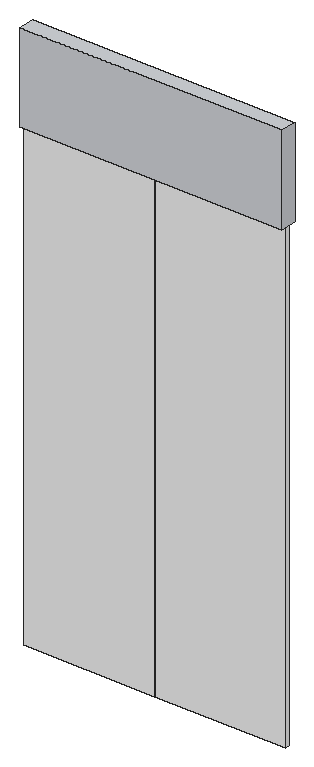
Revit family "Placard Portes Pivotantes", category Mobilier, Revit 2018
Family settings
  Numéro OmniClass = 23.40.20.00
  Titre OmniClass = General Furniture and Specialties
  Basée sur le plan de construction = Non
  Toujours verticalement = Oui
  Couper avec des vides une fois chargée = Non
  Partagée = Non
  Point de calcul de pièce = Oui
Parameters (values of type "Placard_Type")
  Vantail [instance] = Longueur / 2 + 10 mm  # 600 mm
  Matériau vantail = Bois - Panneau blanc
  Longueur [instance] = 1180 mm
  Imposte = none
  Hauteur imposte = 400 mm
  Hauteur brute [instance] = 2500 mm
  Hauteur = 2100 mm
  Epaisseur imposte = 70 mm
  Code_BI [instance] = "PLA"
Reference planes
  plane 1 "Centre (avant/arrière)": y = 0
  plane 2: z = 0
  plane 3 "Centre (gauche/droite)": x = 0
  plane 4: x = -590
  plane 5: x = 590
  plane 6: x = -10
  plane 7: x = 10
  plane 8: z = 2100
  plane 9: z = 2500
  plane 10: y = 20
  plane 11: y = 40
  plane 12: y = 70
Forms (mm)
  Extrusion 1, solid, material "Bois - Panneau blanc" <- "Matériau vantail"
    sketch origin (0, 0, 0) x (1, 0, 0) y (0, 1, 0)
      loop
        line (590, 40) -> (0, 40) -> (0, 20) -> (590, 20) -> (590, 40)
    from 0 to 2100
  Extrusion 2, solid, material "Bois - Panneau blanc" <- "Matériau vantail"
    sketch origin (0, 0, 0) x (1, 0, 0) y (0, 1, 0)
      loop
        line (-590, 20) -> (0, 20) -> (0, 40) -> (-590, 40) -> (-590, 20)
    from 0 to 2100
  Extrusion 3, solid, material <- "Imposte"
    sketch origin (-165, 0, 0) x (1, 0, 0) y (0, 1, 0)
      loop
        line (755, 0) -> (755, 70) -> (-425, 70) -> (-425, 0) -> (755, 0)
    from 2100 to 2500
Dimensions and locks
  plane 10 to plane 1 "Centre (avant/arrière)" = 20 mm
  plane 11 to plane 10 = 20 mm
  "Longueur": plane 4 to plane 5
  "Vantail": plane 4 to plane 7
  "Vantail": plane 6 to plane 5
  "Hauteur": plane 8 to level
  "Hauteur imposte": plane 9 to plane 8
  "Hauteur brute": plane 9 to level
  plane 3 "Centre (gauche/droite)" to Extrusion 1 = 590 mm
  "Epaisseur imposte": plane 1 "Centre (avant/arrière)" to plane 12
  aligned and locked: level to plane 2
  aligned and locked: Extrusion 1 sketch curve to plane 5
  aligned and locked: Extrusion 1 sketch curve to plane 10
  aligned and locked: Extrusion 2 sketch curve to plane 10
  aligned and locked: Extrusion 2 sketch curve to plane 4
  aligned and locked: plane 11 to Extrusion 2 sketch curve
  aligned and locked: Extrusion 3 to plane 4
  aligned and locked: plane 5 to Extrusion 3
  aligned and locked: plane 9 to Extrusion 3
  aligned and locked: Extrusion 3 to plane 8
  aligned and locked: plane 12 to Extrusion 3
  aligned and locked: plane 3 "Centre (gauche/droite)" to Extrusion 2
  aligned and locked: Extrusion 1 to plane 3 "Centre (gauche/droite)"
  aligned and locked: plane 11 to Extrusion 1 sketch curve
Automatic sketch dimensions
  plane 1 "Centre (avant/arrière)" to Extrusion 3 sketch curve = 0 mm
  plane 10 to Extrusion 3 sketch curve = 50 mm
  Extrusion 3 sketch curve to plane 6 = 580 mm
  Extrusion 3 sketch curve to plane 5 = 0 mm
  Extrusion 2 sketch curve to plane 3 "Centre (gauche/droite)" = 0 mm
  Extrusion 1 sketch curve to plane 3 "Centre (gauche/droite)" = 0 mm
